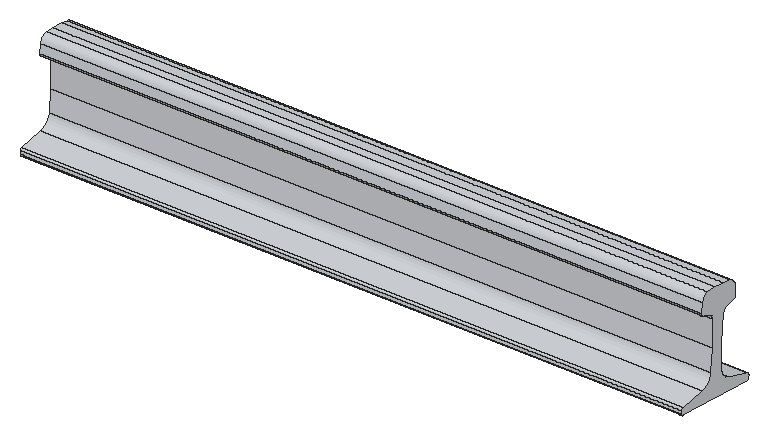
Revit family "P65_Right_ByLine", category Обобщенные модели, Revit 2019
Family settings
  Может служить основой для арматурных стержней = Нет
  Размер круглого соединителя = Использовать диаметр
  Тип детали = Нормальный
  При загрузке вырезать с полостями = Нет
  Общий = Нет
  Точка расчета площади = Нет
Parameters
  built-in parameter 1001306 [instance] = 1200 mm
  Length [instance] = [built-in parameter 1001306]  # 1200 mm
Reference planes
  plane 1 "По центру (Вперед/Назад)": y = 0
  plane 2: z = 0
  plane 3 "Слева": x = 0
  plane 4 "Справа": x = 1200
Forms (mm)
  Sweep 1, solid
    path origin (0, 0, 0) x (1, 0, 0) y (0, 1, 0)
      loop
        line (0, 0) -> (1200, 0)
    profile origin (600, 0, 0) x (0, 1, 0) y (0, 0, 1)
      loop
        arc (-817.883, -72.035) -> (-812.027, -75.994) -> (-809.416, -82.564) r 12
        arc (-809.416, -82.564) -> (-808.293, -106.444) -> (-808.715, -130.346) r 370
        arc (-808.715, -130.346) -> (-810.12, -149.348) -> (-812.428, -168.262) r 400
        arc (-812.428, -168.262) -> (-819.047, -181.87) -> (-832.304, -189.167) r 25
        line (-832.304, -189.167) -> (-875.132, -197.655)
        arc (-875.132, -197.655) -> (-877.381, -198.963) -> (-878.349, -201.379) r 4
        line (-878.349, -201.379) -> (-878.653, -207.45)
        arc (-878.653, -207.45) -> (-878.138, -208.892) -> (-876.755, -209.547) r 2
        line (-876.755, -209.547) -> (-730.937, -216.838)
        arc (-730.937, -216.838) -> (-729.496, -216.324) -> (-728.84, -214.94) r 2
        line (-728.84, -214.94) -> (-728.536, -208.869)
        arc (-728.536, -208.869) -> (-729.259, -206.369) -> (-731.366, -204.843) r 4
        line (-731.366, -204.843) -> (-773.134, -192.125)
        arc (-773.134, -192.125) -> (-785.597, -183.543) -> (-790.826, -169.342) r 25
        arc (-790.826, -169.342) -> (-791.236, -150.293) -> (-790.738, -131.245) r 400
        arc (-790.738, -131.245) -> (-788.773, -107.42) -> (-785.274, -83.771) r 370
        arc (-785.274, -83.771) -> (-782.021, -77.495) -> (-775.799, -74.139) r 12
        line (-775.799, -74.139) -> (-763.21, -71.644)
        arc (-763.21, -71.644) -> (-760.318, -69.912) -> (-759.182, -66.739) r 5
        line (-759.182, -66.739) -> (-759.182, -50.921)
        arc (-759.182, -50.921) -> (-762.303, -41.704) -> (-770.423, -36.341) r 15
        arc (-770.423, -36.341) -> (-777.596, -34.848) -> (-784.875, -34.017) r 80
        arc (-784.875, -34.017) -> (-794.858, -33.417) -> (-804.85, -33.018) r 500
        arc (-804.85, -33.018) -> (-812.176, -33.119) -> (-819.462, -33.889) r 80
        arc (-819.462, -33.889) -> (-828.076, -38.415) -> (-832.101, -47.275) r 15
        line (-832.101, -47.275) -> (-833.679, -63.014)
        arc (-833.679, -63.014) -> (-832.865, -66.285) -> (-830.16, -68.296) r 5
        line (-830.16, -68.296) -> (-817.883, -72.035)
Lines and regions (mm)
  reference lines
    curve 1: line (0, 0, 0) -> (1200, 0, 0)
Dimensions and locks
  "built-in parameter 1001306": plane 3 "Слева" to plane 4 "Справа"
  "Length": Sweep 1 sketch curve to Sweep 1 sketch curve
  aligned and locked: plane 4 "Справа" to curve 1
  aligned and locked: plane 1 "По центру (Вперед/Назад)" to curve 1
  aligned and locked: plane 3 "Слева" to curve 1
  aligned and locked: level to plane 2
Automatic sketch dimensions
  Sweep 1 sketch curve to level = 83.514 mm
  profile plane to Sweep 1 sketch curve = 821.378 mm
  Sweep 1 sketch curve to level = 72.035 mm
  Sweep 1 sketch curve to Sweep 1 sketch curve = 3.495 mm
  Sweep 1 sketch curve to level = 68.296 mm
  Sweep 1 sketch curve to Sweep 1 sketch curve = 12.277 mm
  Sweep 1 sketch curve to Sweep 1 sketch curve = 11.962 mm
  Sweep 1 sketch curve to Sweep 1 sketch curve = 1.456 mm
  Sweep 1 sketch curve to Sweep 1 sketch curve = 4.783 mm
  Sweep 1 sketch curve to Sweep 1 sketch curve = 4.975 mm
  Sweep 1 sketch curve to level = 47.275 mm
  Sweep 1 sketch curve to Sweep 1 sketch curve = 1.578 mm
  Sweep 1 sketch curve to Sweep 1 sketch curve = 14.931 mm
  Sweep 1 sketch curve to Sweep 1 sketch curve = 1.438 mm
  Sweep 1 sketch curve to Sweep 1 sketch curve = 2.292 mm
  Sweep 1 sketch curve to Sweep 1 sketch curve = 2.003 mm
  Sweep 1 sketch curve to Sweep 1 sketch curve = 30.413 mm
  Sweep 1 sketch curve to Sweep 1 sketch curve = 14.612 mm
  Sweep 1 sketch curve to Sweep 1 sketch curve = 12.413 mm
  Sweep 1 sketch curve to Sweep 1 sketch curve = 419.817 mm
  Sweep 1 sketch curve to Sweep 1 sketch curve = 19.975 mm
  Sweep 1 sketch curve to Sweep 1 sketch curve = 17.113 mm
  Sweep 1 sketch curve to Sweep 1 sketch curve = 0.856 mm
  Sweep 1 sketch curve to Sweep 1 sketch curve = 14.452 mm
  Sweep 1 sketch curve to Sweep 1 sketch curve = 3.759 mm
  Sweep 1 sketch curve to Sweep 1 sketch curve = 14.521 mm
  Sweep 1 sketch curve to Sweep 1 sketch curve = 15 mm
  Sweep 1 sketch curve to Sweep 1 sketch curve = 15.819 mm
  Sweep 1 sketch curve to Sweep 1 sketch curve = 5 mm
  Sweep 1 sketch curve to Sweep 1 sketch curve = 0.972 mm
  Sweep 1 sketch curve to level = 74.139 mm
  Sweep 1 sketch curve to Sweep 1 sketch curve = 12.589 mm
  Sweep 1 sketch curve to Sweep 1 sketch curve = 2.333 mm
  Sweep 1 sketch curve to Sweep 1 sketch curve = 11.771 mm
  Sweep 1 sketch curve to Sweep 1 sketch curve = 11.808 mm
  Sweep 1 sketch curve to level = 149.722 mm
  Sweep 1 sketch curve to Sweep 1 sketch curve = 0.437 mm
  Sweep 1 sketch curve to Sweep 1 sketch curve = 0 mm  (x5)
  Sweep 1 sketch curve to level = 111.869 mm
  Sweep 1 sketch curve to Sweep 1 sketch curve = 1.302 mm
  Sweep 1 sketch curve to Sweep 1 sketch curve = 29.963 mm  (x2)
  Sweep 1 sketch curve to Sweep 1 sketch curve = 0.088 mm
  Sweep 1 sketch curve to Sweep 1 sketch curve = 21.601 mm
  Sweep 1 sketch curve to Sweep 1 sketch curve = 24.974 mm
  Sweep 1 sketch curve to Sweep 1 sketch curve = 7.282 mm
  Sweep 1 sketch curve to level = 204.843 mm
  Sweep 1 sketch curve to Sweep 1 sketch curve = 41.767 mm
  Sweep 1 sketch curve to Sweep 1 sketch curve = 1.165 mm
  Sweep 1 sketch curve to Sweep 1 sketch curve = 3.827 mm
  Sweep 1 sketch curve to Sweep 1 sketch curve = 3.995 mm  (x2)
  Sweep 1 sketch curve to level = 214.94 mm
  Sweep 1 sketch curve to Sweep 1 sketch curve = 0.304 mm  (x2)
  Sweep 1 sketch curve to Sweep 1 sketch curve = 1.998 mm  (x3)
  Sweep 1 sketch curve to Sweep 1 sketch curve = 0.1 mm  (x3)
  Sweep 1 sketch curve to level = 209.547 mm
  Sweep 1 sketch curve to Sweep 1 sketch curve = 64.328 mm
  Sweep 1 sketch curve to level = 201.379 mm
  Sweep 1 sketch curve to Sweep 1 sketch curve = 0.2 mm
  Sweep 1 sketch curve to Sweep 1 sketch curve = 0.778 mm
  Sweep 1 sketch curve to level = 189.167 mm
  Sweep 1 sketch curve to Sweep 1 sketch curve = 19.877 mm
  Sweep 1 sketch curve to Sweep 1 sketch curve = 24.737 mm
  plane 1 "По центру (Вперед/Назад)" to Sweep 1 sketch curve = 0 mm
  Sweep 1 sketch curve to plane 3 "Слева" = 0 mm
